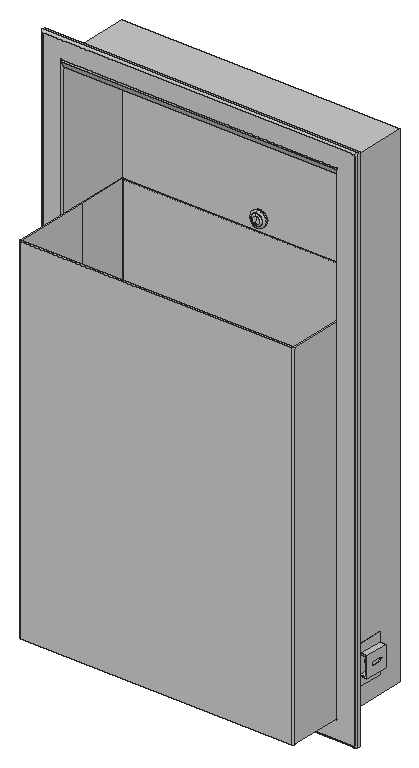
Revit family
Parameters (values of type "RODX605E")
  URL = "http://www.franke.com/washroomsystems/main/en/home.html"
  Revised Date = "02/07/2012"
  Product URL = "http://www.franke.com/washroomsystems/main/en/home/our_products/bymodelrange/rodan/201/201-104/ag-rodx605e/rodx605e_detail.html"
  Phone # = "416.250.5656"
  Model = "RODX605E"
  Material = Stainless Steel
  Manufacturer = "Franke Commercial Accessories"
  Designed By = "ATS BIM Team"
  Description = "ranke Commercial ‘RODAN’ #RODX605E Waste Bin Recess Mounted,   27-1/8” H x 16” W x 6-5/8” D (690mm x 406mm x 169mm), manufactured from 22 gauge (0.8mm), grade 18-10 type 304 stainless steel with #4 satin finish, 6.08 Gal. (23L) capacity and with mounting hardware. Comply to local codes for barrier-free requirements."
  Assembly Code = "E1090"
Reference planes (in)
  plane 1 "Center (Front/Back)": y = 0
  plane 2: z = 0
  plane 3 "Center (Left/Right)": x = 0
  plane 4: z = 27.16535
  plane 5: x = -8.0315
  plane 6: x = 8.0315
  plane 7: z = 0.09055
Forms (in)
  Extrusion 1, solid, material "Stainless Steel" <- "Material"
    sketch origin (0, 0, 0) x (1, 0, 0) y (0, 0, 1)
      loop
        line (-7.94644, 27.0748) -> (-7.94644, 0.07949) -> (7.94644, 0.07949) -> (7.94644, 27.0748) -> (-7.94644, 27.0748)
      loop
        line (-7.04446, 0.98425) -> (7.04724, 0.98425) -> (7.04724, 26.17631) -> (-7.04446, 26.17631) -> (-7.04446, 0.98425)
    from 3.70079 to 3.93701
  Extrusion 2, solid, material "Stainless Steel" <- "Material"
    sketch origin (0, 0, 0) x (0, 1, 0) y (0, 0, 1)
      loop
        line (-3.93701, 26.17631) -> (-3.93701, 26.057) -> (-3.74328, 25.74197) -> (-0.0625, 24.25008) -> (-0.0625, 1.04675) -> (-3.70079, 1.04675) -> (-3.70079, 0.98425) -> (0, 0.98425) -> (0, 26.2126) -> (-3.70079, 26.2126) -> (-3.70079, 26.1501) -> (-0.0625, 26.1501) -> (-0.0625, 24.31752) -> (-3.70079, 25.79219) -> (-3.93701, 26.17631)
    from -7.04446 to 7.04446
  Extrusion 3, solid, material "Stainless Steel" <- "Material"
    sketch origin (0, 0, 0) x (0, 1, 0) y (0, 0, 1)
      loop
        line (0, 26.2126) -> (-3.70079, 26.2126) -> (-3.70079, 0.98425) -> (0, 0.98425) -> (0, 26.2126)
    from -7.07874 to -7.04446
  Extrusion 4, solid, material "Stainless Steel" <- "Material"
    sketch origin (0, 0, 0) x (0, 1, 0) y (0, 0, -1)
      loop
        line (0, -26.2126) -> (0, -0.98425) -> (-3.70079, -0.98425) -> (-3.70079, -26.2126) -> (0, -26.2126)
    from -7.07874 to -7.04446
  Extrusion 5, solid, material "Stainless Steel" <- "Material"
    sketch origin (0, 0, 0) x (1, 0, 0) y (0, 1, 0)
      loop
        line (-6.98819, -2.75598) -> (-6.98819, -6.55512)
        arc (-6.98819, -6.55512) -> (-6.96167, -6.61915) -> (-6.89764, -6.64567) r 0.09055
        line (-6.89764, -6.64567) -> (6.89764, -6.64567)
        arc (6.89764, -6.64567) -> (6.96167, -6.61915) -> (6.98819, -6.55512) r 0.09055
        line (6.98819, -6.55512) -> (6.98819, -2.76357) -> (6.98819, -0.15305)
        arc (6.98819, -0.15305) -> (6.96167, -0.08902) -> (6.89764, -0.0625) r 0.09055
        line (6.89764, -0.0625) -> (-6.89764, -0.0625)
        arc (-6.89764, -0.0625) -> (-6.96167, -0.08902) -> (-6.98819, -0.15305) r 0.09055
        line (-6.98819, -0.15305) -> (-6.98819, -2.75598)
      loop
        line (6.89764, -0.125) -> (-6.89764, -0.125)
        arc (-6.89764, -0.125) -> (-6.91747, -0.13322) -> (-6.92569, -0.15305) r 0.02805
        line (-6.92569, -0.15305) -> (-6.92569, -2.75598) -> (-6.92569, -6.55512)
        arc (-6.92569, -6.55512) -> (-6.91747, -6.57495) -> (-6.89764, -6.58317) r 0.02805
        line (-6.89764, -6.58317) -> (6.89764, -6.58317)
        arc (6.89764, -6.58317) -> (6.91747, -6.57495) -> (6.92569, -6.55512) r 0.02805
        line (6.92569, -6.55512) -> (6.92569, -2.76357) -> (6.92569, -0.15305)
        arc (6.92569, -0.15305) -> (6.91747, -0.13322) -> (6.89764, -0.125) r 0.02805
    from 0.98704 to 19.09449
  Extrusion 6, solid, material "Stainless Steel" <- "Material"
    sketch origin (0, 0, 0) x (1, 0, 0) y (0, 1, 0)
      loop
        line (-6.89764, -6.58317) -> (6.89764, -6.58317)
        arc (6.89764, -6.58317) -> (6.91747, -6.57495) -> (6.92569, -6.55512) r 0.02805
        line (6.92569, -6.55512) -> (6.92569, -2.76357) -> (6.92569, -0.15305)
        arc (6.92569, -0.15305) -> (6.91747, -0.13322) -> (6.89764, -0.125) r 0.02805
        line (6.89764, -0.125) -> (-6.89764, -0.125)
        arc (-6.89764, -0.125) -> (-6.91747, -0.13322) -> (-6.92569, -0.15305) r 0.02805
        line (-6.92569, -0.15305) -> (-6.92569, -2.75598) -> (-6.92569, -6.55512)
        arc (-6.92569, -6.55512) -> (-6.91747, -6.57495) -> (-6.89764, -6.58317) r 0.02805
    from 0.98452 to 1.10925
  Extrusion 7, solid, material "Stainless Steel" <- "Material"
    sketch origin (-0.16339, 0, 0) x (1, 0, 0) y (0, 0, 1)
      loop
        line (-6.92569, 3.8878) -> (-6.98819, 3.8878) -> (-6.98819, 3.44685) -> (-7.31496, 3.44685) -> (-7.31496, 2.39961) -> (-6.98819, 2.39961) -> (-6.98819, 1.95866) -> (-6.92569, 1.95866) -> (-6.92569, 2.46211) -> (-7.24391, 2.46211) -> (-7.24391, 3.38435) -> (-6.92569, 3.38435) -> (-6.92569, 3.8878)
    from 1.37795 to 2.55906
  Extrusion 8, void
    sketch origin (-0.16339, 0, 0) x (0, 1, 0) y (0, 0, 1)
      loop
        line (-2.16535, 2.80512) -> (-1.77165, 2.80512)
        arc (-1.77165, 2.80512) -> (-1.65354, 2.92323) -> (-1.77165, 3.04134) r 0.11811
        line (-1.77165, 3.04134) -> (-2.16535, 3.04134)
        arc (-2.16535, 3.04134) -> (-2.28346, 2.92323) -> (-2.16535, 2.80512) r 0.11811
      loop
        circle (-1.9685, 3.69685) r 0.05906
      loop
        circle (-1.9685, 2.14961) r 0.05906
    from -7.43653 to -6.67569
  Extrusion 9, solid, material "Stainless Steel" <- "Material"
    sketch origin (0.16339, 0, 0) x (-1, 0, 0) y (0, 0, -1)
      loop
        line (-6.92569, -3.8878) -> (-6.92569, -3.38435) -> (-7.25417, -3.38435) -> (-7.25417, -2.46211) -> (-6.92569, -2.46211) -> (-6.92569, -1.95866) -> (-6.98819, -1.95866) -> (-6.98819, -2.39961) -> (-7.31496, -2.39961) -> (-7.31496, -3.44685) -> (-6.98819, -3.44685) -> (-6.98819, -3.8878) -> (-6.92569, -3.8878)
    from 1.37795 to 2.55906
  Extrusion 10, void
    sketch origin (0.16339, 0, 0) x (0, 1, 0) y (0, 0, -1)
      loop
        arc (-2.16535, -2.80512) -> (-2.28346, -2.92323) -> (-2.16535, -3.04134) r 0.11811
        line (-2.16535, -3.04134) -> (-1.77165, -3.04134)
        arc (-1.77165, -3.04134) -> (-1.65354, -2.92323) -> (-1.77165, -2.80512) r 0.11811
        line (-1.77165, -2.80512) -> (-2.16535, -2.80512)
      loop
        circle (-1.9685, -3.69685) r 0.05906
      loop
        circle (-1.9685, -2.14961) r 0.05906
    from -7.43653 to -6.67569
  Sweep 11, solid, material "Stainless Steel" <- "Material"
    path origin (0, 0, 0) x (1, 0, 0) y (0, 0, 1)
      loop
        line (-7.93538, 27.06374) -> (-7.93538, 0.09055) -> (7.93538, 0.09055) -> (7.93538, 27.06374) -> (-7.93538, 27.06374)
    profile origin (0, 0, 27.06374) x (0, 0, 1) y (0, -1, 0)
      loop
        line (0.10161, 3.70079) -> (0.10161, 3.84646)
        arc (0.10161, 3.84646) -> (0.07509, 3.91049) -> (0.01106, 3.93701) r 0.09055
        line (0.01106, 3.93701) -> (0.01106, 3.90576)
        arc (0.01106, 3.90576) -> (0.05299, 3.88839) -> (0.07036, 3.84646) r 0.0593
        line (0.07036, 3.84646) -> (0.07036, 3.70079) -> (0.10161, 3.70079)
  Revolve 12, solid, material "Stainless Steel" <- "Material"
    sketch origin (0, 0, 0) x (0, 1, 0) y (0, 0, 1)
      loop
        line (-0.0625, 19.69835) -> (-0.0625, 20.09107) -> (-0.16014, 20.09107)
        arc (-0.16014, 20.09107) -> (-0.21502, 20.06833) -> (-0.23775, 20.01345) r 0.07762
        line (-0.23775, 20.01345) -> (-0.23775, 19.95229)
        arc (-0.23775, 19.95229) -> (-0.27318, 19.93761) -> (-0.28785, 19.90219) r 0.0501
        line (-0.28785, 19.90219) -> (-0.28785, 19.69835) -> (-0.0625, 19.69835)
      axis (-0.28785, 19.69835) -> (-0.0625, 19.69835)
    angle from 0 to 360
Cuts and joins
  Extrusion 10 cuts Extrusion 5
  Extrusion 10 cuts Extrusion 6
  joined: Extrusion 5, Extrusion 6
  Extrusion 8, Extrusion 10 cuts Extrusion 7
  Extrusion 10 cuts Extrusion 9
  Extrusion 10 cuts Extrusion 2
  Extrusion 10 cuts Extrusion 3
  Extrusion 10 cuts Extrusion 4
  joined: Extrusion 2, Extrusion 3, Extrusion 4, Revolve 12
  joined: Extrusion 1, Sweep 11
